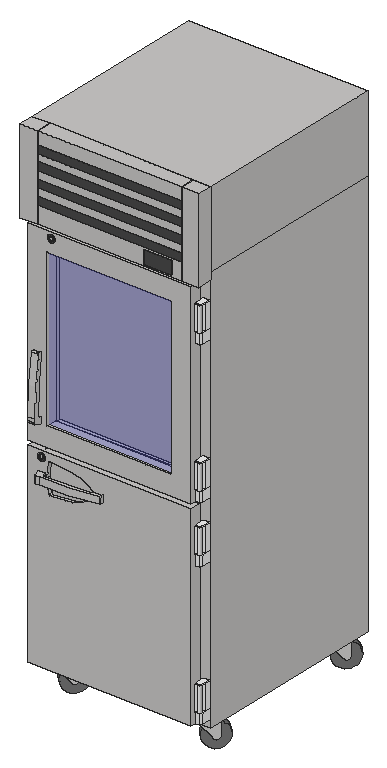
Revit family "QF_Turbo Air_PRO-26R-GSH", category Specialty Equipment, Revit 2014 (continued)
Definition of nested family "QF_Turbo Air_RI-Half Glass Door"
  Dimensions and locks (in)
    locked: Extrusion 13 sketch curve to Extrusion 13 sketch curve at 0.68764
    locked: Extrusion 6 sketch curve to plane 12 "Hinge Right" at 0.12202
    locked: plane 5 "RIGHT" to plane 12 "Hinge Right" at 1.25363
    aligned and locked: level to plane 2
    aligned and locked: Extrusion 1 sketch curve to plane 6 "TOP"
    aligned and locked: plane 3 "LEFT" to Extrusion 1 sketch curve
    aligned and locked: level to Extrusion 1 sketch curve
    aligned and locked: Extrusion 1 sketch curve to plane 5 "RIGHT"
    aligned and locked: Extrusion 1 sketch curve to plane 9
    aligned and locked: plane 7 to Extrusion 1 sketch curve
    aligned and locked: plane 10 to Extrusion 1 sketch curve
    aligned and locked: Extrusion 1 sketch curve to plane 8
    aligned and locked: plane 4 "Door Front" to Extrusion 1
    aligned and locked: Extrusion 2 sketch curve to plane 9
    aligned and locked: plane 7 to Extrusion 2 sketch curve
    aligned and locked: plane 10 to Extrusion 2 sketch curve
    aligned and locked: Extrusion 2 sketch curve to plane 8
    aligned and locked: plane 1 "Door Back" to curve 1
    aligned and locked: plane 3 "LEFT" to curve 2
    aligned and locked: curve 3 to plane 4 "Door Front"
    aligned and locked: curve 4 to plane 5 "RIGHT"
    aligned and locked: plane 4 "Door Front" to Extrusion 4
    aligned and locked: Extrusion 5 sketch curve to cut or joined group of Extrusion 1, Extrusion 4  (x4)
    aligned and locked: plane 4 "Door Front" to Extrusion 5
    aligned and locked: plane 15 to Extrusion 6
    aligned and locked: Extrusion 7 to plane 15
    aligned and locked: Extrusion 8 to plane 15
    aligned and locked: plane 19 to Extrusion 10
    aligned and locked: Extrusion 12 to plane 19
    aligned and locked: Extrusion 11 to plane 19
  Automatic sketch dimensions
    curve 6 to plane 11 "Handle CL" = 0' - 0 9/16"
    plane 11 "Handle CL" to curve 7 = 0' - 0 9/16"
    plane 4 "Door Front" to curve 5 = 0' - 1.31717"
    Extrusion 3 sketch curve to plane 4 "Door Front" = 0' - 0"  (x2)
    Extrusion 3 sketch curve to plane 10 = 0' - 0"
    plane 4 "Door Front" to Extrusion 3 sketch curve = 0' - 0.08987"
    plane 4 "Door Front" to Extrusion 3 sketch curve = 0' - 0.28505"
    plane 4 "Door Front" to Extrusion 3 sketch curve = 0' - 0.56498"
    Extrusion 3 sketch curve to Extrusion 3 sketch curve = 0' - 0.09657"
    Extrusion 3 sketch curve to Extrusion 3 sketch curve = 0' - 0.46345"
    plane 10 to Extrusion 3 sketch curve = 0' - 0.38436"
    Extrusion 3 sketch curve to Extrusion 3 sketch curve = 0' - 0.05794"
    Extrusion 3 sketch curve to Extrusion 3 sketch curve = 0' - 0 3/16"  (x3)
    Extrusion 3 sketch curve to plane 13 "Bottom Hinge Top" = 0' - 1.0879"
    Extrusion 3 sketch curve to plane 16 "BACK" = 3' - 1.37033"
    Extrusion 3 sketch curve to plane 13 "Bottom Hinge Top" = 0' - 0.43528"
    Extrusion 3 sketch curve to Extrusion 3 sketch curve = 0' - 0.05487"
    Extrusion 3 sketch curve to Extrusion 3 sketch curve = 0' - 1"
    Extrusion 3 sketch curve to Extrusion 3 sketch curve = 0' - 0.61377"
    Extrusion 3 sketch curve to Extrusion 3 sketch curve = 0' - 0.22104"
    Extrusion 3 sketch curve to Extrusion 3 sketch curve = 0' - 0.16072"
    plane 13 "Bottom Hinge Top" to Extrusion 3 sketch curve = 0' - 5.80357"
    Extrusion 3 sketch curve to Extrusion 3 sketch curve = 0' - 1 3/16"
    Extrusion 3 sketch curve to Extrusion 3 sketch curve = 0' - 0"
    plane 16 "BACK" to Extrusion 6 sketch curve = 0' - 0"
    plane 1 "Door Back" to Extrusion 6 sketch curve = 0' - 0 3/4"  (x2)
    Extrusion 6 sketch curve to Extrusion 6 sketch curve = 0' - 0 7/16"
    plane 5 "RIGHT" to Extrusion 7 sketch curve = 0' - 0.00363"
    Extrusion 7 sketch curve to plane 4 "Door Front" = 0' - 0 9/16"
    Extrusion 7 sketch curve to Extrusion 7 sketch curve = 0' - 0 5/16"
    Extrusion 7 sketch curve to Extrusion 7 sketch curve = 0' - 0 19/32"
    plane 16 "BACK" to Extrusion 8 sketch curve = 0' - 0"
    plane 1 "Door Back" to Extrusion 8 sketch curve = 0' - 0 1/4"
    plane 16 "BACK" to Extrusion 9 sketch curve = 0' - 0"
    plane 1 "Door Back" to Extrusion 9 sketch curve = 0' - 0 3/4"  (x2)
    Extrusion 9 sketch curve to Extrusion 9 sketch curve = 0' - 0 7/16"
    plane 16 "BACK" to Extrusion 10 sketch curve = 0' - 0"
    Extrusion 10 sketch curve to plane 12 "Hinge Right" = 0' - 0 3/16"
    plane 1 "Door Back" to Extrusion 10 sketch curve = 0' - 0 3/4"  (x2)
    Extrusion 10 sketch curve to Extrusion 10 sketch curve = 0' - 0 7/16"
    Extrusion 10 sketch curve to plane 12 "Hinge Right" = 0' - 0.12202"
    Extrusion 10 sketch curve to plane 12 "Hinge Right" = 0' - 0.31243"
    plane 5 "RIGHT" to Extrusion 11 sketch curve = 0' - 0.00363"
    Extrusion 11 sketch curve to plane 4 "Door Front" = 0' - 0 9/16"
    Extrusion 11 sketch curve to Extrusion 11 sketch curve = 0' - 0 5/16"
    Extrusion 11 sketch curve to Extrusion 11 sketch curve = 0' - 0 19/32"
    plane 16 "BACK" to Extrusion 12 sketch curve = 0' - 0"
    plane 1 "Door Back" to Extrusion 12 sketch curve = 0' - 0 1/4"
    Extrusion 12 sketch curve to plane 12 "Hinge Right" = 0' - 0.12202"
    Extrusion 12 sketch curve to plane 12 "Hinge Right" = 0' - 0.16369"
    plane 16 "BACK" to Extrusion 13 sketch curve = 0' - 0"
    Extrusion 13 sketch curve to plane 12 "Hinge Right" = 0' - 0 3/16"
    plane 1 "Door Back" to Extrusion 13 sketch curve = 0' - 0 3/4"  (x2)
    Extrusion 13 sketch curve to Extrusion 13 sketch curve = 0' - 0 7/16"
    Extrusion 13 sketch curve to plane 12 "Hinge Right" = 0' - 0.12202"
    Extrusion 13 sketch curve to plane 12 "Hinge Right" = 0' - 0.31243"
    radius of Extrusion 4 sketch curve = 0' - 0 9/16"
    radius of Extrusion 4 sketch curve = 0' - 0 5/16"
